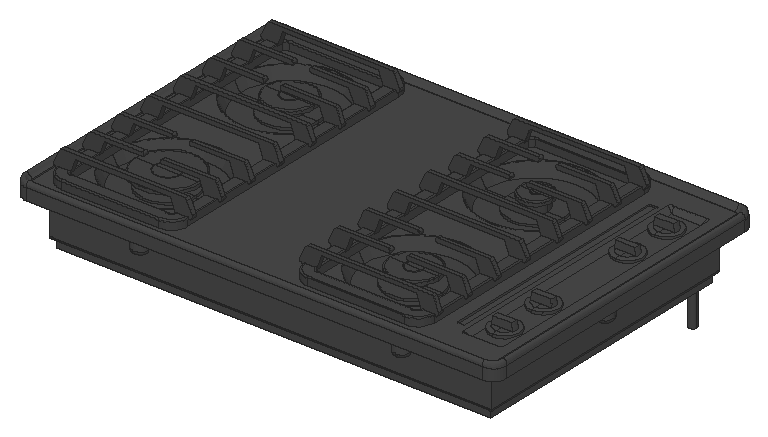
Revit family "QF_Summit_TTL053S_Cooktop", category Specialty Equipment, Revit 2020 (continued)
Automatic sketch dimensions
  curve 123 to curve 134 = 0"  (x2)
  curve 124 to curve 127 = 0"
  curve 124 to curve 128 = 0"
  curve 124 to curve 129 = 0"
  curve 124 to curve 130 = 0"
  curve 124 to curve 132 = 0"  (x2)
  curve 124 to curve 133 = 0"
  curve 124 to curve 134 = 0"  (x2)
  curve 125 to curve 126 = 0"  (x2)
  curve 125 to curve 127 = 0"
  curve 125 to curve 128 = 0"
  curve 125 to curve 129 = 0"
  curve 125 to curve 130 = 0"
  curve 125 to curve 131 = 0"  (x2)
  curve 125 to curve 132 = 0"
  curve 125 to curve 133 = 0"
  curve 145 to curve 165 = 0"  (x2)
  curve 146 to curve 165 = 0"  (x2)
  curve 147 to curve 165 = 0"  (x2)
  curve 148 to curve 165 = 0"  (x2)
  curve 149 to curve 165 = 0"  (x2)
  curve 150 to curve 165 = 0"  (x2)
  curve 151 to curve 165 = 0"  (x2)
  curve 152 to curve 157 = 0"
  curve 152 to curve 159 = 0"
  curve 153 to curve 157 = 0"
  curve 153 to curve 159 = 0"
  curve 154 to curve 159 = 0"  (x2)
  curve 155 to curve 159 = 0"  (x2)
  curve 156 to curve 157 = 0"
  curve 156 to curve 159 = 0"
  curve 157 to curve 159 = 0"
  curve 158 to curve 159 = 0"  (x2)
  curve 160 to curve 165 = 0"  (x2)
  curve 161 to curve 165 = 0"  (x2)
  curve 162 to curve 165 = 0"  (x2)
  curve 163 to curve 165 = 0"  (x2)
  curve 164 to curve 165 = 0"  (x2)
  curve 65 to plane 3 "LEFT" = 0.00016"
  plane 3 "LEFT" to curve 37 = 9/16"
  curve 37 to curve 64 = 1/4"
  curve 37 to curve 39 = 1/4"
  plane 3 "LEFT" to curve 134 = 5.27794"
  plane 3 "LEFT" to curve 108 = 5.27794"
  plane 7 "Center Y" to curve 111 = 5.59588"
  plane 7 "Center Y" to curve 79 = 5.59588"
  plane 1 "BACK" to curve 54 = 2.63046"
  plane 4 "RIGHT" to curve 54 = 4.43626"
  curve 54 to curve 61 = 1/16"
  curve 54 to curve 55 = 1/16"
  curve 55 to curve 56 = 3/8"
  curve 60 to curve 60 = 3/8"
  curve 57 to curve 58 = 1/16"
  curve 60 to curve 52 = 0.32834"
  curve 52 to curve 51 = 0.17489"
  curve 53 to curve 53 = 0.17489"
  curve 51 to curve 44 = 0.15303"
  plane 4 "RIGHT" to curve 45 = 1.53001"
  curve 42 to curve 47 = 0.15303"
  curve 44 to curve 50 = 0.15303"
  curve 49 to curve 48 = 0.17489"
  plane 5 "FRONT" to curve 71 = 0.00016"
  plane 4 "RIGHT" to curve 71 = 13/16"
  plane 4 "RIGHT" to curve 38 = 13/16"
  curve 40 to curve 41 = 1/4"
  curve 50 to plane 5 "FRONT" = 1.94788"
  curve 49 to curve 44 = 0.15303"
  curve 51 to curve 60 = 0.43428"
  curve 146 to plane 8 "Center X" = 4.69623"
  curve 152 to plane 8 "Center X" = 4.69623"
  plane 8 "Center X" to curve 74 = 4.69623"
  plane 8 "Center X" to curve 114 = 4.69623"
  curve 57 to curve 42 = 11/32"
  curve 42 to curve 48 = 0.15303"
  plane 1 "BACK" to curve 40 = 13/16"
  plane 3 "LEFT" to curve 122 = 1.98841"
  plane 3 "LEFT" to curve 157 = 2.00679"
  plane 3 "LEFT" to curve 132 = 2.04204"
  plane 3 "LEFT" to curve 106 = 2.05163"
  curve 157 to curve 108 = 0.17038"
  curve 122 to curve 117 = 0.18876"
  curve 157 to curve 159 = 0.30499"
  curve 122 to curve 117 = 0.33065"
  curve 132 to curve 133 = 0.31951"
  curve 106 to curve 108 = 0.31593"
  curve 159 to curve 154 = 0.10141"
  curve 117 to curve 131 = 0.09535"
  curve 133 to curve 126 = 0.10777"
  curve 108 to curve 158 = 0.10609"
  curve 108 to curve 83 = 1.10076"
  curve 104 to curve 104 = 0.21842"
  curve 117 to curve 120 = 1.35172"
  curve 83 to curve 83 = 0.31358"
  curve 104 to curve 103 = 0.15936"
  curve 120 to curve 74 = 0.24904"
  curve 74 to curve 120 = 0.02582"
  curve 83 to curve 105 = 0.21411"
  curve 122 to curve 123 = 1.45366"
  curve 157 to curve 107 = 1.43583"
  curve 94 to curve 130 = 0.12319"
  curve 120 to curve 127 = 0.19386"
  curve 127 to curve 74 = 0.11209"
  curve 130 to curve 129 = 0.26849"
  curve 129 to curve 132 = 0.04729"
  curve 129 to curve 94 = 0.07783"
  curve 74 to curve 93 = 0.23853"
  curve 86 to curve 83 = 3/4"
  curve 118 to curve 123 = 0.6766"
  curve 129 to curve 92 = 0.43727"
  curve 153 to curve 107 = 0.5869"
  curve 76 to curve 73 = 1/2"
  curve 107 to curve 107 = 0.62953"
  curve 123 to curve 123 = 0.65253"
  curve 75 to curve 92 = 0.22211"
  curve 76 to curve 93 = 0.42893"
  curve 92 to curve 73 = 0.32977"
  curve 92 to curve 134 = 0.38914"
  curve 73 to curve 129 = 0.08348"
  curve 93 to curve 91 = 0.24142"
  curve 91 to curve 127 = 0.11252"
  curve 73 to curve 121 = 0.33849"
  curve 91 to curve 128 = 0.31103"
  curve 123 to curve 124 = 0.83454"
  curve 128 to curve 91 = 0.01862"
  curve 107 to curve 152 = 0.87986"
  curve 85 to curve 105 = 0.76611"
  curve 86 to curve 103 = 0.86273"
  curve 105 to curve 102 = 0.18941"
  curve 73 to curve 121 = 0.24904"
  curve 103 to curve 84 = 0.14532"
  curve 84 to curve 84 = 0.24195"
  curve 102 to curve 158 = 1.09864"
  curve 121 to curve 126 = 1.41692"
  curve 84 to curve 154 = 1.10223"
  curve 128 to curve 131 = 1.38705"
  curve 158 to curve 155 = 0.09264"
  curve 126 to curve 119 = 0.09066"
  curve 154 to curve 109 = 0.10242"
  curve 131 to curve 125 = 0.09497"
  curve 109 to curve 109 = 0.13805"
  curve 125 to curve 125 = 0.13736"
  curve 155 to curve 156 = 0.32544"
  curve 119 to curve 134 = 0.34103"
  curve 154 to curve 152 = 0.40862"
  curve 131 to curve 124 = 0.42412"
  plane 7 "Center Y" to curve 150 = 2.29805"
  plane 7 "Center Y" to curve 135 = 2.29835"
  plane 7 "Center Y" to curve 140 = 2.36176"
  plane 7 "Center Y" to curve 144 = 2.37399"
  plane 7 "Center Y" to curve 116 = 2.49513"
  plane 7 "Center Y" to curve 148 = 2.49513"
  curve 135 to curve 116 = 0.34067"
  curve 150 to curve 148 = 0.34129"
  curve 140 to curve 142 = 0.32309"
  curve 144 to curve 110 = 0.31237"
  curve 148 to curve 147 = 0.09223"
  curve 116 to curve 139 = 0.0986"
  curve 142 to curve 141 = 0.10348"
  curve 110 to curve 149 = 0.12616"
  plane 7 "Center Y" to curve 77 = 3.84685"
  plane 7 "Center Y" to curve 164 = 3.84685"
  curve 113 to curve 101 = 0.24904"
  plane 7 "Center Y" to curve 164 = 4.10793"
  plane 7 "Center Y" to curve 77 = 4.11555"
  plane 7 "Center Y" to curve 135 = 4.14925"
  plane 7 "Center Y" to curve 150 = 4.16227"
  plane 7 "Center Y" to curve 113 = 4.21169"
  plane 7 "Center Y" to curve 98 = 4.22231"
  curve 164 to curve 165 = 0.19581"
  curve 77 to curve 95 = 0.19616"
  curve 165 to curve 101 = 0.12621"
  curve 113 to curve 161 = 0.25363"
  curve 98 to curve 97 = 0.26065"
  plane 7 "Center Y" to curve 144 = 4.49037"
  curve 161 to curve 88 = 0.07249"
  plane 7 "Center Y" to curve 140 = 4.57292"
  curve 77 to curve 80 = 0.74904"
  curve 101 to curve 100 = 0.2468"
  curve 161 to curve 162 = 0.42767"
  curve 150 to curve 160 = 0.73593"
  curve 114 to curve 114 = 0.60654"
  curve 90 to curve 87 = 1/2"
  curve 82 to curve 77 = 1/4"
  curve 114 to curve 136 = 0.64941"
  curve 160 to curve 160 = 1.39538"
  curve 90 to curve 162 = 0.21129"
  curve 89 to curve 100 = 0.43178"
  curve 162 to curve 99 = 0.33661"
  curve 140 to curve 143 = 2.11853"
  curve 80 to curve 97 = 0.14835"
  curve 99 to curve 161 = 0.10382"
  curve 161 to curve 145 = 0.03094"
  curve 100 to curve 87 = 0.25229"
  curve 87 to curve 165 = 0.10807"
  curve 79 to curve 95 = 0.29505"
  curve 161 to curve 163 = 0.22514"
  curve 97 to curve 78 = 0.24571"
  curve 160 to curve 151 = 0.76927"
  curve 136 to curve 137 = 0.81975"
  curve 87 to curve 112 = 0.29408"
  curve 95 to curve 96 = 0.18874"
  curve 112 to curve 99 = 0.02185"
  curve 87 to curve 112 = 0.24904"
  curve 79 to curve 78 = 0.74904"
  curve 163 to curve 149 = 1.42364"
  curve 78 to curve 141 = 1.41399"
  curve 96 to curve 139 = 1.37384"
  curve 112 to curve 147 = 1.3827"
  curve 149 to curve 146 = 0.10635"
  curve 141 to curve 115 = 0.10054"
  curve 139 to curve 138 = 0.10259"
  curve 147 to curve 111 = 0.09971"
  curve 138 to curve 115 = 0.14054"
  curve 111 to curve 111 = 0.1402"
  curve 146 to curve 145 = 0.31936"
  curve 141 to curve 143 = 0.41949"
  curve 147 to curve 151 = 0.40165"
  curve 138 to curve 137 = 0.32826"
  curve 107 to plane 5 "FRONT" = 1.80474"
  curve 160 to plane 5 "FRONT" = 1 7/8"
  curve 160 to curve 150 = 0.23691"
  curve 153 to curve 157 = 0.25859"
  curve 160 to curve 151 = 0.2521"
  curve 107 to curve 152 = 0.2852"
  curve 154 to curve 109 = 0.28235"
  curve 147 to curve 111 = 0.27408"
  curve 100 to curve 101 = 0.24169"
  curve 103 to curve 84 = 0.22929"
  curve 165 to curve 101 = 0.23505"
  curve 102 to curve 105 = 0.25978"
  curve 99 to curve 161 = 0.24304"
  curve 99 to curve 162 = 0.24737"
  curve 108 to curve 158 = 0.25335"
  curve 146 to curve 149 = 0.25181"
  curve 158 to curve 106 = 0.03121"
  curve 146 to curve 145 = 0.27526"
  curve 110 to curve 144 = 0.29271"
  plane 8 "Center X" to curve 140 = 1.35007"
  plane 8 "Center X" to curve 132 = 1.36194"
  plane 8 "Center X" to curve 143 = 1.37313"
  plane 8 "Center X" to curve 134 = 1.37834"
  curve 129 to curve 94 = 0.26306"
  curve 97 to curve 98 = 0.26648"
  curve 129 to curve 92 = 0.01153"
  curve 126 to curve 119 = 0.21375"
  curve 141 to curve 142 = 0.24822"
  curve 116 to curve 135 = 0.23664"
  curve 96 to curve 95 = 0.24956"
  curve 74 to curve 93 = 0.23627"
  curve 125 to curve 131 = 0.26496"
  curve 131 to curve 124 = 0.00658"
  curve 91 to curve 127 = 0.25063"
  curve 117 to curve 122 = 0.26535"
  curve 138 to curve 137 = 0.27256"
  curve 116 to curve 139 = 0.26847"
  curve 122 to curve 118 = 0.25021"
  curve 137 to curve 136 = 0.26258"
  radius of Extrusion 2 sketch curve = 3.49904"  (x4)
  radius of Extrusion 17 sketch curve = 1/4"
Nested families (in)
  nested 1: "Summit_Burner_Cast" at (1.52794, -1.55377, 0.43845), type "Summit_Burner_Cast"
  nested 2: "Summit_Burner_Cast" at (16.71416, -1.55377, 0.43845), type "Summit_Burner_Cast"
  nested 3: "Summit_Burner_Cast" at (1.52794, -10.94623, 0.43845), type "Summit_Burner_Cast"
  nested 4: "Summit_Burner_Cast" at (16.71416, -10.94623, 0.43845), type "Summit_Burner_Cast"
  nested 5: "Summit_Cast" at (1.27794, -0.875, 3.75), type "Summit_Cast"
  nested 6: "Summit_Cast" at (16.46416, -0.875, 3.75), type "Summit_Cast"
Connectors (in)
  piping at (27.43847, -1.91925, -2.5), diameter 0.5
    settings: on Extrusion 17, index 1, connector inside diameter 24", connector length 0", flow factor 0, pipe flow 0 GPM, pressure drop 0.00 psi, fitting loss kfactor 0, connector angle 0.00°, fixture units 0, engagement length 0", angle of deflection 0.00°, flow configuration 1, flow direction 1, fitting loss method 0, system type 7, joint type 0, gender type 0, connector reference index -1, connector utility 0, adjustable connector no, is connector primary yes, connector description "Gas Connection"
  electrical at (26.68847, -1.91925, 0.4375), driven by "Volts"
    settings: on Extrusion 20, index 2, voltage 115 V, apparent load 0 VA, apparent load phase1 0 VA, apparent load phase2 0 VA, apparent load phase3 0 VA, power factor 1, load classification "Other", number of poles 1, system type 30, power factor state 1, is connector primary yes, connector utility no, sub classification motor no, connector description "Electrical Connection"
Definition of nested family "Summit_Burner_Cast"
  Parameters (values of type "Summit_Burner_Cast")
    Model = ""
    Manufacturer = "Summit"
    Length = 7 1/2"
    Height = 3 3/4"
    Description = "Cooktop"
    Depth = 7 1/2"
    Default Elevation = 0"
  Reference planes (in)
    plane 1 "BACK": y = 0
    plane 2: z = 0
    plane 3 "LEFT": x = 0
    plane 4 "RIGHT": x = 7.5
    plane 5 "FRONT": y = -7.5
    plane 6 "TOP": z = 3.75
    plane 7 "Center Y": x = 3.75
    plane 8 "Center X": y = -3.75
  Forms (in)
    Revolve 1, solid
      sketch origin (-1.00614, -3.75, 0) x (1, 0, 0) y (0, 0, 1)
        loop
          line (4.75614, 3.26095) -> (4.00614, 3.26095) -> (4.00614, 2.6875) -> (3.00711, 2.6875) -> (3.00711, 2.5625) -> (1.65539, 2.5625) -> (1.25711, 3.31155) -> (1.25711, 2.5) -> (4.75614, 2.5) -> (4.75614, 3.26095)
        axis (4.75614, 2.5) -> (4.75614, 3.31155)
      angle from 0 to 360
  Dimensions and locks (in)
    equal spacing: plane 3 "LEFT", plane 7 "Center Y", plane 4 "RIGHT"
    "Length": plane 3 "LEFT" to plane 4 "RIGHT"
    equal spacing: plane 5 "FRONT", plane 8 "Center X", plane 1 "BACK"
    "Depth": plane 5 "FRONT" to plane 1 "BACK"
    "Height": plane 6 "TOP" to level
    aligned and locked: level to plane 2
  Automatic sketch dimensions
    plane 3 "LEFT" to Revolve 1 sketch curve = 0.25096"
    Revolve 1 sketch curve to plane 7 "Center Y" = 0"  (x2)
    plane 3 "LEFT" to Revolve 1 sketch curve = 0.64924"
    Revolve 1 sketch curve to plane 7 "Center Y" = 3/4"
    Revolve 1 sketch curve to plane 6 "TOP" = 1 1/4"
    Revolve 1 sketch curve to Revolve 1 sketch curve = 1/16"
    Revolve 1 sketch curve to Revolve 1 sketch curve = 3/16"
    Revolve 1 sketch curve to plane 6 "TOP" = 0.48905"
    Revolve 1 sketch curve to plane 6 "TOP" = 0.43845"
    Revolve 1 sketch curve to Revolve 1 sketch curve = 0"
    plane 6 "TOP" to Revolve 1 sketch curve = 1 1/4"
    Revolve 1 sketch curve to Revolve 1 sketch curve = 0.99904"
Definition of nested family "Summit_Cast"
  Parameters (values of type "Summit_Cast")
    Model = ""
    Manufacturer = "Summit"
    Length = 8"
    Height = 1 1/2"
    Description = "Cooktop"
    Depth = 18 1/4"
    Default Elevation = 0"
  Reference planes (in)
    plane 1 "BACK": y = 0
    plane 2: z = 0
    plane 3 "LEFT": x = 0
    plane 4 "RIGHT": x = 8
    plane 5 "FRONT": y = -18.25
    plane 6 "TOP": z = 1.5
    plane 7 "Center Y": x = 4
    plane 8 "Center X": y = -9.125
  Forms (in)
    Sweep 1, solid
      path origin (0, 0, 1.5) x (-1, 0, 0) y (0, -1, 0)
        loop
          arc (0, 17.25) -> (-0.29289, 17.95711) -> (-1, 18.25) r 1
          line (-1, 18.25) -> (-7, 18.25)
          arc (-7, 18.25) -> (-7.70711, 17.95711) -> (-8, 17.25) r 1
          line (-8, 17.25) -> (-8, 1)
          arc (-8, 1) -> (-7.70711, 0.29289) -> (-7, 0) r 1
          line (-7, 0) -> (-1, 0)
          arc (-1, 0) -> (-0.29289, 0.29289) -> (0, 1) r 1
          line (0, 1) -> (0, 17.25)
      profile origin (0, -9.125, 1.5) x (-1, 0, 0) y (0, 0, 1)
        loop
          line (-0.0625, -1) -> (-0.6875, -1)
          arc (-0.6875, -1) -> (-0.73169, -1.01831) -> (-0.75, -1.0625) r 0.0625
          line (-0.75, -1.0625) -> (-0.75, -1.5) -> (0, -1.5) -> (0, -1.0625)
          arc (0, -1.0625) -> (-0.01831, -1.01831) -> (-0.0625, -1) r 0.0625
    Extrusion 2, solid
      sketch origin (0, 0, 0) x (1, 0, 0) y (0, 0, 1)
        loop
          line (0.74803, 0.3877) -> (1.06188, 1.25) -> (6.93812, 1.25) -> (7.25197, 0.3877) -> (8.14564, 0.3877) -> (8.25406, 0.49612)
          arc (8.25406, 0.49612) -> (8.2924, 0.56977) -> (8.28157, 0.65209) r 0.13806
          line (8.28157, 0.65209) -> (7.93816, 1.38852) -> (7.82668, 1.5) -> (0.17332, 1.5) -> (0.06184, 1.38852) -> (-0.28157, 0.65209)
          arc (-0.28157, 0.65209) -> (-0.2924, 0.56977) -> (-0.25406, 0.49612) r 0.13806
          line (-0.25406, 0.49612) -> (-0.14564, 0.3877) -> (0.74803, 0.3877)
      from 1 to 1.25
    Extrusion 3, solid
      sketch origin (0, -2.25, 0) x (1, 0, 0) y (0, 0, 1)
        loop
          line (0.74803, 0.3877) -> (1.06188, 1.25) -> (3.36913, 1.25)
          arc (3.36913, 1.25) -> (3.49413, 1.375) -> (3.36913, 1.5) r 0.125
          line (3.36913, 1.5) -> (0.17332, 1.5) -> (0.06184, 1.38852) -> (-0.28157, 0.65209)
          arc (-0.28157, 0.65209) -> (-0.2924, 0.56977) -> (-0.25406, 0.49612) r 0.13806
          line (-0.25406, 0.49612) -> (-0.14564, 0.3877) -> (0.74803, 0.3877)
        loop
          line (7.25197, 0.3877) -> (8.14564, 0.3877) -> (8.25406, 0.49612)
          arc (8.25406, 0.49612) -> (8.2924, 0.56977) -> (8.28157, 0.65209) r 0.13806
          line (8.28157, 0.65209) -> (7.93816, 1.38852) -> (7.82668, 1.5) -> (4.62959, 1.5)
          arc (4.62959, 1.5) -> (4.50459, 1.375) -> (4.62959, 1.25) r 0.125
          line (4.62959, 1.25) -> (6.93812, 1.25) -> (7.25197, 0.3877)
      from 1 to 1.25
    Extrusion 4, solid
      sketch origin (0, -6.75, 0) x (1, 0, 0) y (0, 0, 1)
        loop
          line (0.74803, 0.3877) -> (1.06188, 1.25) -> (6.93812, 1.25) -> (7.25197, 0.3877) -> (8.14564, 0.3877) -> (8.25406, 0.49612)
          arc (8.25406, 0.49612) -> (8.2924, 0.56977) -> (8.28157, 0.65209) r 0.13806
          line (8.28157, 0.65209) -> (7.93816, 1.38852) -> (7.82668, 1.5) -> (0.17332, 1.5) -> (0.06184, 1.38852) -> (-0.28157, 0.65209)
          arc (-0.28157, 0.65209) -> (-0.2924, 0.56977) -> (-0.25406, 0.49612) r 0.13806
          line (-0.25406, 0.49612) -> (-0.14564, 0.3877) -> (0.74803, 0.3877)
      from 1 to 1.25
    Extrusion 5, solid
      sketch origin (0, -4.5, 0) x (1, 0, 0) y (0, 0, 1)
        loop
          line (0.74803, 0.3877) -> (1.06188, 1.25) -> (3.36913, 1.25)
          arc (3.36913, 1.25) -> (3.49413, 1.375) -> (3.36913, 1.5) r 0.125
          line (3.36913, 1.5) -> (0.17332, 1.5) -> (0.06184, 1.38852) -> (-0.28157, 0.65209)
          arc (-0.28157, 0.65209) -> (-0.2924, 0.56977) -> (-0.25406, 0.49612) r 0.13806
          line (-0.25406, 0.49612) -> (-0.14564, 0.3877) -> (0.74803, 0.3877)
        loop
          line (7.25197, 0.3877) -> (8.14564, 0.3877) -> (8.25406, 0.49612)
          arc (8.25406, 0.49612) -> (8.2924, 0.56977) -> (8.28157, 0.65209) r 0.13806
          line (8.28157, 0.65209) -> (7.93816, 1.38852) -> (7.82668, 1.5) -> (4.62959, 1.5)
          arc (4.62959, 1.5) -> (4.50459, 1.375) -> (4.62959, 1.25) r 0.125
          line (4.62959, 1.25) -> (6.93812, 1.25) -> (7.25197, 0.3877)
      from 1 to 1.25
    Extrusion 6, solid
      sketch origin (0, -18.25, 0) x (1, 0, 0) y (0, 0, -1)
        loop
          line (0.74803, -0.3877) -> (-0.14564, -0.3877) -> (-0.25406, -0.49612)
          arc (-0.25406, -0.49612) -> (-0.2924, -0.56977) -> (-0.28157, -0.65209) r 0.13806
          line (-0.28157, -0.65209) -> (0.06184, -1.38852) -> (0.17332, -1.5) -> (7.82668, -1.5) -> (7.93816, -1.38852) -> (8.28157, -0.65209)
          arc (8.28157, -0.65209) -> (8.2924, -0.56977) -> (8.25406, -0.49612) r 0.13806
          line (8.25406, -0.49612) -> (8.14564, -0.3877) -> (7.25197, -0.3877) -> (6.93812, -1.25) -> (1.06188, -1.25) -> (0.74803, -0.3877)
      from 1 to 1.25
    Extrusion 7, solid
      sketch origin (0, -16, 0) x (1, 0, 0) y (0, 0, -1)
        loop
          line (0.74803, -0.3877) -> (-0.14564, -0.3877) -> (-0.25406, -0.49612)
          arc (-0.25406, -0.49612) -> (-0.2924, -0.56977) -> (-0.28157, -0.65209) r 0.13806
          line (-0.28157, -0.65209) -> (0.06184, -1.38852) -> (0.17332, -1.5) -> (3.36913, -1.5)
          arc (3.36913, -1.5) -> (3.49413, -1.375) -> (3.36913, -1.25) r 0.125
          line (3.36913, -1.25) -> (1.06188, -1.25) -> (0.74803, -0.3877)
        loop
          line (7.25197, -0.3877) -> (6.93812, -1.25) -> (4.62959, -1.25)
          arc (4.62959, -1.25) -> (4.50459, -1.375) -> (4.62959, -1.5) r 0.125
          line (4.62959, -1.5) -> (7.82668, -1.5) -> (7.93816, -1.38852) -> (8.28157, -0.65209)
          arc (8.28157, -0.65209) -> (8.2924, -0.56977) -> (8.25406, -0.49612) r 0.13806
          line (8.25406, -0.49612) -> (8.14564, -0.3877) -> (7.25197, -0.3877)
      from 1 to 1.25
    Extrusion 8, solid
      sketch origin (0, -11.5, 0) x (1, 0, 0) y (0, 0, -1)
        loop
          line (0.74803, -0.3877) -> (-0.14564, -0.3877) -> (-0.25406, -0.49612)
          arc (-0.25406, -0.49612) -> (-0.2924, -0.56977) -> (-0.28157, -0.65209) r 0.13806
          line (-0.28157, -0.65209) -> (0.06184, -1.38852) -> (0.17332, -1.5) -> (7.82668, -1.5) -> (7.93816, -1.38852) -> (8.28157, -0.65209)
          arc (8.28157, -0.65209) -> (8.2924, -0.56977) -> (8.25406, -0.49612) r 0.13806
          line (8.25406, -0.49612) -> (8.14564, -0.3877) -> (7.25197, -0.3877) -> (6.93812, -1.25) -> (1.06188, -1.25) -> (0.74803, -0.3877)
      from 1 to 1.25
    Extrusion 9, solid
      sketch origin (0, -13.75, 0) x (1, 0, 0) y (0, 0, -1)
        loop
          line (0.74803, -0.3877) -> (-0.14564, -0.3877) -> (-0.25406, -0.49612)
          arc (-0.25406, -0.49612) -> (-0.2924, -0.56977) -> (-0.28157, -0.65209) r 0.13806
          line (-0.28157, -0.65209) -> (0.06184, -1.38852) -> (0.17332, -1.5) -> (3.36913, -1.5)
          arc (3.36913, -1.5) -> (3.49413, -1.375) -> (3.36913, -1.25) r 0.125
          line (3.36913, -1.25) -> (1.06188, -1.25) -> (0.74803, -0.3877)
        loop
          line (7.25197, -0.3877) -> (6.93812, -1.25) -> (4.62959, -1.25)
          arc (4.62959, -1.25) -> (4.50459, -1.375) -> (4.62959, -1.5) r 0.125
          line (4.62959, -1.5) -> (7.82668, -1.5) -> (7.93816, -1.38852) -> (8.28157, -0.65209)
          arc (8.28157, -0.65209) -> (8.2924, -0.56977) -> (8.25406, -0.49612) r 0.13806
          line (8.25406, -0.49612) -> (8.14564, -0.3877) -> (7.25197, -0.3877)
      from 1 to 1.25
  Lines and regions (in)
    symbolic lines
      curve 1: line (7, -0.75, 1.5) -> (1, -0.75, 1.5)
      curve 2: arc (1, -0.75, 1.5) -> (0.82322, -0.82322, 1.5) -> (0.75, -1, 1.5) r 0.25
      curve 3: line (0.75, -1, 1.5) -> (0.75, -3.25, 1.5)
      curve 4: arc (0.75, -17.25, 1.5) -> (0.82322, -17.42678, 1.5) -> (1, -17.5, 1.5) r 0.25
      curve 5: line (1, -17.5, 1.5) -> (7, -17.5, 1.5)
      curve 6: arc (7, -17.5, 1.5) -> (7.17678, -17.42678, 1.5) -> (7.25, -17.25, 1.5) r 0.25
      curve 7: arc (7.25, -1, 1.5) -> (7.17678, -0.82322, 1.5) -> (7, -0.75, 1.5) r 0.25
      curve 8: arc (0, -1, 1.5) -> (0.29289, -0.29289, 1.5) -> (1, 0, 1.5) r 1
      curve 9: line (1, 0, 1.5) -> (7, 0, 1.5)
      curve 10: arc (7, 0, 1.5) -> (7.70711, -0.29289, 1.5) -> (8, -1, 1.5) r 1
      curve 11: arc (8, -17.25, 1.5) -> (7.70711, -17.95711, 1.5) -> (7, -18.25, 1.5) r 1
      curve 12: line (7, -18.25, 1.5) -> (1, -18.25, 1.5)
      curve 13: arc (1, -18.25, 1.5) -> (0.29289, -17.95711, 1.5) -> (0, -17.25, 1.5) r 1
      curve 14: line (-0.2945, -1.25, 1.5) -> (8.2945, -1.25, 1.5)
      curve 15: line (8.2945, -1, 1.5) -> (-0.2945, -1, 1.5)
      curve 16: line (-0.2945, -1, 1.5) -> (-0.2945, -1.25, 1.5)
      curve 17: line (8.2945, -1, 1.5) -> (8.2945, -1.25, 1.5)
      curve 18: line (4.50459, -3.25, 1.5) -> (8.2945, -3.25, 1.5)
      curve 19: line (4.50459, -3.5, 1.5) -> (4.50459, -3.25, 1.5)
      curve 20: line (8.2945, -3.5, 1.5) -> (4.50459, -3.5, 1.5)
      curve 21: line (8.2945, -3.25, 1.5) -> (8.2945, -3.5, 1.5)
      curve 22: line (-0.2945, -3.25, 1.5) -> (3.49413, -3.25, 1.5)
      curve 23: line (-0.2945, -3.5, 1.5) -> (-0.2945, -3.25, 1.5)
      curve 24: line (3.49413, -3.5, 1.5) -> (0, -3.5, 1.5)
      curve 25: line (3.49413, -3.25, 1.5) -> (3.49413, -3.5, 1.5)
      curve 26: line (-0.2945, -5.5, 1.5) -> (3.49413, -5.5, 1.5)
      curve 27: line (-0.2945, -5.75, 1.5) -> (-0.2945, -5.5, 1.5)
      curve 28: line (3.49413, -5.75, 1.5) -> (-0.2945, -5.75, 1.5)
      curve 29: line (3.49413, -5.5, 1.5) -> (3.49413, -5.75, 1.5)
      curve 30: line (4.50459, -5.5, 1.5) -> (8.2945, -5.5, 1.5)
      curve 31: line (4.50459, -5.75, 1.5) -> (4.50459, -5.5, 1.5)
      curve 32: line (8.2945, -5.75, 1.5) -> (4.50459, -5.75, 1.5)
      curve 33: line (8.2945, -5.5, 1.5) -> (8.2945, -5.75, 1.5)
      curve 34: line (-0.2945, -7.75, 1.5) -> (8.2945, -7.75, 1.5)
      curve 35: line (-0.2945, -8, 1.5) -> (-0.2945, -7.75, 1.5)
      curve 36: line (8.2945, -8, 1.5) -> (-0.2945, -8, 1.5)
      curve 37: line (8.2945, -7.75, 1.5) -> (8.2945, -8, 1.5)
      curve 38: line (-0.2945, -10.25, 1.5) -> (8.2945, -10.25, 1.5)
      curve 39: line (-0.2945, -10.5, 1.5) -> (-0.2945, -10.25, 1.5)
      curve 40: line (8.2945, -10.5, 1.5) -> (-0.2945, -10.5, 1.5)
      curve 41: line (8.2945, -10.25, 1.5) -> (8.2945, -10.5, 1.5)
      curve 42: line (-0.2945, -12.5, 1.5) -> (3.49413, -12.5, 1.5)
      curve 43: line (-0.2945, -12.75, 1.5) -> (-0.2945, -12.5, 1.5)
      curve 44: line (3.49413, -12.75, 1.5) -> (-0.2945, -12.75, 1.5)
      curve 45: line (3.49413, -12.5, 1.5) -> (3.49413, -12.75, 1.5)
      curve 46: line (4.50459, -12.5, 1.5) -> (8.2945, -12.5, 1.5)
      curve 47: line (4.50459, -12.75, 1.5) -> (4.50459, -12.5, 1.5)
      curve 48: line (8.2945, -12.75, 1.5) -> (4.50459, -12.75, 1.5)
      curve 49: line (8.2945, -12.5, 1.5) -> (8.2945, -12.75, 1.5)
      curve 50: line (-0.2945, -14.75, 1.5) -> (3.49413, -14.75, 1.5)
      curve 51: line (-0.2945, -15, 1.5) -> (-0.2945, -14.75, 1.5)
      curve 52: line (3.49413, -15, 1.5) -> (-0.2945, -15, 1.5)
      curve 53: line (3.49413, -14.75, 1.5) -> (3.49413, -15, 1.5)
      curve 54: line (4.50459, -14.75, 1.5) -> (8.2945, -14.75, 1.5)
      curve 55: line (4.50459, -15, 1.5) -> (4.50459, -14.75, 1.5)
      curve 56: line (8.2945, -15, 1.5) -> (4.50459, -15, 1.5)
      curve 57: line (8.2945, -14.75, 1.5) -> (8.2945, -15, 1.5)
      curve 58: line (-0.2945, -17, 1.5) -> (8.2945, -17, 1.5)
      curve 59: line (-0.2945, -17.25, 1.5) -> (-0.2945, -17, 1.5)
      curve 60: line (8.2945, -17.25, 1.5) -> (-0.2945, -17.25, 1.5)
      curve 61: line (8.2945, -17, 1.5) -> (8.2945, -17.25, 1.5)
      curve 62: line (8, -1.25, 1.5) -> (8, -3.25, 1.5)
      curve 63: line (0, -3.25, 1.5) -> (0, -1.25, 1.5)
      curve 64: line (0, -3.5, 1.5) -> (-0.2945, -3.5, 1.5)
      curve 65: line (0.75, -3.5, 1.5) -> (0.75, -5.5, 1.5)
      curve 66: line (7.25, -3.25, 1.5) -> (7.25, -1, 1.5)
      curve 67: line (8, -3.5, 1.5) -> (8, -5.5, 1.5)
      curve 68: line (8, -5.75, 1.5) -> (8, -7.75, 1.5)
      curve 69: line (7.25, -5.5, 1.5) -> (7.25, -3.5, 1.5)
      curve 70: line (0.75, -5.75, 1.5) -> (0.75, -7.75, 1.5)
      curve 71: line (0, -5.5, 1.5) -> (0, -3.5, 1.5)
      curve 72: line (0, -7.75, 1.5) -> (0, -5.75, 1.5)
      curve 73: line (0.75, -8, 1.5) -> (0.75, -10.25, 1.5)
      curve 74: line (7.25, -7.75, 1.5) -> (7.25, -5.75, 1.5)
      curve 75: line (8, -8, 1.5) -> (8, -10.25, 1.5)
      curve 76: line (8, -10.5, 1.5) -> (8, -12.5, 1.5)
      curve 77: line (7.25, -10.25, 1.5) -> (7.25, -8, 1.5)
      curve 78: line (8, -12.75, 1.5) -> (8, -14.75, 1.5)
      curve 79: line (7.25, -12.5, 1.5) -> (7.25, -10.5, 1.5)
      curve 80: line (8, -15, 1.5) -> (8, -17, 1.5)
      curve 81: line (7.25, -14.75, 1.5) -> (7.25, -12.75, 1.5)
      curve 82: line (0.75, -12.75, 1.5) -> (0.75, -14.75, 1.5)
      curve 83: line (0.75, -10.5, 1.5) -> (0.75, -12.5, 1.5)
      curve 84: line (0, -12.5, 1.5) -> (0, -8, 1.5)
      curve 85: line (0, -14.75, 1.5) -> (0, -12.75, 1.5)
      curve 86: line (0.75, -15, 1.5) -> (0.75, -17, 1.5)
      curve 87: line (7.25, -17, 1.5) -> (7.25, -15, 1.5)
      curve 88: line (0, -17, 1.5) -> (0, -15, 1.5)
  Dimensions and locks (in)
    equal spacing: plane 3 "LEFT", plane 7 "Center Y", plane 4 "RIGHT"
    "Length": plane 3 "LEFT" to plane 4 "RIGHT"
    equal spacing: plane 5 "FRONT", plane 8 "Center X", plane 1 "BACK"
    "Depth": plane 5 "FRONT" to plane 1 "BACK"
    "Height": plane 6 "TOP" to level
    aligned and locked: level to plane 2
  Automatic sketch dimensions
    Sweep 1 sketch curve to plane 4 "RIGHT" = 0"
    plane 5 "FRONT" to Sweep 1 sketch curve = 0"
    plane 1 "BACK" to Sweep 1 sketch curve = 0"
    Sweep 1 sketch curve to plane 3 "LEFT" = 0"
    Sweep 1 sketch curve to Sweep 1 sketch curve = 1"
    plane 4 "RIGHT" to Sweep 1 sketch curve = 1"
    plane 3 "LEFT" to Sweep 1 sketch curve = 1"  (x2)
    Sweep 1 sketch curve to profile plane = 0"
    profile plane to Sweep 1 sketch curve = 1/16"
    Sweep 1 sketch curve to Sweep 1 sketch curve = 5/8"
    Sweep 1 sketch curve to Sweep 1 sketch curve = 1/16"
    Sweep 1 sketch curve to plane 6 "TOP" = 1 1/2"
    Sweep 1 sketch curve to Sweep 1 sketch curve = 7/16"
    Extrusion 2 sketch curve to plane 6 "TOP" = 0"
    Extrusion 2 sketch curve to plane 3 "LEFT" = 0.28157"
    Extrusion 2 sketch curve to Extrusion 2 sketch curve = 0.0275"
    Extrusion 2 sketch curve to Extrusion 2 sketch curve = 0.12513"  (x2)
    Extrusion 2 sketch curve to plane 3 "LEFT" = 0.14564"
    plane 3 "LEFT" to Extrusion 2 sketch curve = 0.06184"
    Extrusion 2 sketch curve to Extrusion 2 sketch curve = 0.11148"
    plane 3 "LEFT" to Extrusion 2 sketch curve = 0.74803"
    Extrusion 2 sketch curve to plane 6 "TOP" = 1/4"
    Extrusion 2 sketch curve to Extrusion 2 sketch curve = 0.31385"
    plane 4 "RIGHT" to Extrusion 2 sketch curve = 1.06188"
    plane 4 "RIGHT" to Extrusion 2 sketch curve = 0.74803"
    plane 4 "RIGHT" to Extrusion 2 sketch curve = 0.17332"
    plane 4 "RIGHT" to Extrusion 2 sketch curve = 0.06184"
    Extrusion 2 sketch curve to plane 4 "RIGHT" = 0.14564"
    Extrusion 2 sketch curve to plane 4 "RIGHT" = 0.15644"
    Extrusion 2 sketch curve to Extrusion 2 sketch curve = 0.09762"
    level to Extrusion 2 sketch curve = 0.65209"  (x2)
    Extrusion 2 sketch curve to Extrusion 2 sketch curve = 0.05835"  (x2)
    level to Extrusion 2 sketch curve = 0.3877"
    Extrusion 2 sketch curve to Extrusion 2 sketch curve = 0.10842"
    Extrusion 2 sketch curve to plane 6 "TOP" = 0.11148"  (x2)
    Extrusion 3 sketch curve to plane 6 "TOP" = 0"  (x2)
    Extrusion 3 sketch curve to plane 3 "LEFT" = 0.28157"
    Extrusion 3 sketch curve to Extrusion 3 sketch curve = 0.0275"
    Extrusion 3 sketch curve to Extrusion 3 sketch curve = 0.12513"  (x2)
    Extrusion 3 sketch curve to plane 3 "LEFT" = 0.14564"
    plane 3 "LEFT" to Extrusion 3 sketch curve = 0.06184"
    Extrusion 3 sketch curve to Extrusion 3 sketch curve = 0.11148"
    plane 3 "LEFT" to Extrusion 3 sketch curve = 0.74803"
    Extrusion 3 sketch curve to plane 6 "TOP" = 1/4"  (x2)
    Extrusion 3 sketch curve to Extrusion 3 sketch curve = 0.31385"
    Extrusion 3 sketch curve to plane 7 "Center Y" = 0.63087"
    plane 7 "Center Y" to Extrusion 3 sketch curve = 0.62959"
    plane 4 "RIGHT" to Extrusion 3 sketch curve = 1.06188"
    plane 4 "RIGHT" to Extrusion 3 sketch curve = 0.74803"
    plane 4 "RIGHT" to Extrusion 3 sketch curve = 0.17332"
    plane 4 "RIGHT" to Extrusion 3 sketch curve = 0.06184"
    Extrusion 3 sketch curve to plane 4 "RIGHT" = 0.14564"
    Extrusion 3 sketch curve to plane 4 "RIGHT" = 0.15644"
    Extrusion 3 sketch curve to Extrusion 3 sketch curve = 0.09762"
    level to Extrusion 3 sketch curve = 0.65209"  (x2)
    Extrusion 3 sketch curve to Extrusion 3 sketch curve = 0.05835"  (x2)
    level to Extrusion 3 sketch curve = 0.3877"
    Extrusion 3 sketch curve to Extrusion 3 sketch curve = 0.10842"
    Extrusion 3 sketch curve to plane 6 "TOP" = 0.11148"  (x2)
    Extrusion 4 sketch curve to plane 6 "TOP" = 0"
    Extrusion 4 sketch curve to plane 3 "LEFT" = 0.28157"
    Extrusion 4 sketch curve to Extrusion 4 sketch curve = 0.0275"
    Extrusion 4 sketch curve to Extrusion 4 sketch curve = 0.12513"  (x2)
    Extrusion 4 sketch curve to plane 3 "LEFT" = 0.14564"
    plane 3 "LEFT" to Extrusion 4 sketch curve = 0.06184"
    Extrusion 4 sketch curve to Extrusion 4 sketch curve = 0.11148"
    plane 3 "LEFT" to Extrusion 4 sketch curve = 0.74803"
    Extrusion 4 sketch curve to plane 6 "TOP" = 1/4"
    Extrusion 4 sketch curve to Extrusion 4 sketch curve = 0.31385"
    plane 4 "RIGHT" to Extrusion 4 sketch curve = 1.06188"
    plane 4 "RIGHT" to Extrusion 4 sketch curve = 0.74803"
    plane 4 "RIGHT" to Extrusion 4 sketch curve = 0.17332"
    plane 4 "RIGHT" to Extrusion 4 sketch curve = 0.06184"
    Extrusion 4 sketch curve to plane 4 "RIGHT" = 0.14564"
    Extrusion 4 sketch curve to plane 4 "RIGHT" = 0.15644"
    Extrusion 4 sketch curve to Extrusion 4 sketch curve = 0.09762"
    level to Extrusion 4 sketch curve = 0.65209"  (x2)
    Extrusion 4 sketch curve to Extrusion 4 sketch curve = 0.05835"  (x2)
    level to Extrusion 4 sketch curve = 0.3877"
    Extrusion 4 sketch curve to Extrusion 4 sketch curve = 0.10842"
    Extrusion 4 sketch curve to plane 6 "TOP" = 0.11148"  (x2)
    Extrusion 5 sketch curve to plane 6 "TOP" = 0"  (x2)
    Extrusion 5 sketch curve to plane 3 "LEFT" = 0.28157"
    Extrusion 5 sketch curve to Extrusion 5 sketch curve = 0.0275"
    Extrusion 5 sketch curve to Extrusion 5 sketch curve = 0.12513"  (x2)
    Extrusion 5 sketch curve to plane 3 "LEFT" = 0.14564"
    plane 3 "LEFT" to Extrusion 5 sketch curve = 0.06184"
    Extrusion 5 sketch curve to Extrusion 5 sketch curve = 0.11148"
    plane 3 "LEFT" to Extrusion 5 sketch curve = 0.74803"
    Extrusion 5 sketch curve to plane 6 "TOP" = 1/4"  (x2)
    Extrusion 5 sketch curve to Extrusion 5 sketch curve = 0.31385"
    Extrusion 5 sketch curve to plane 7 "Center Y" = 0.63087"
    plane 7 "Center Y" to Extrusion 5 sketch curve = 0.62959"
    plane 4 "RIGHT" to Extrusion 5 sketch curve = 1.06188"
    plane 4 "RIGHT" to Extrusion 5 sketch curve = 0.74803"
    plane 4 "RIGHT" to Extrusion 5 sketch curve = 0.17332"
    plane 4 "RIGHT" to Extrusion 5 sketch curve = 0.06184"
    Extrusion 5 sketch curve to plane 4 "RIGHT" = 0.14564"
    Extrusion 5 sketch curve to plane 4 "RIGHT" = 0.15644"
    Extrusion 5 sketch curve to Extrusion 5 sketch curve = 0.09762"
    level to Extrusion 5 sketch curve = 0.65209"  (x2)
    Extrusion 5 sketch curve to Extrusion 5 sketch curve = 0.05835"  (x2)
    level to Extrusion 5 sketch curve = 0.3877"
    Extrusion 5 sketch curve to Extrusion 5 sketch curve = 0.10842"
    Extrusion 5 sketch curve to plane 6 "TOP" = 0.11148"  (x2)
    Extrusion 6 sketch curve to plane 6 "TOP" = 0"
    Extrusion 6 sketch curve to plane 3 "LEFT" = 0.28157"
    Extrusion 6 sketch curve to Extrusion 6 sketch curve = 0.0275"
    Extrusion 6 sketch curve to Extrusion 6 sketch curve = 0.12513"  (x2)
    Extrusion 6 sketch curve to plane 3 "LEFT" = 0.14564"
    plane 3 "LEFT" to Extrusion 6 sketch curve = 0.06184"
    Extrusion 6 sketch curve to Extrusion 6 sketch curve = 0.11148"
    plane 3 "LEFT" to Extrusion 6 sketch curve = 0.74803"
    Extrusion 6 sketch curve to plane 6 "TOP" = 1/4"
    Extrusion 6 sketch curve to Extrusion 6 sketch curve = 0.31385"
    plane 4 "RIGHT" to Extrusion 6 sketch curve = 1.06188"
    plane 4 "RIGHT" to Extrusion 6 sketch curve = 0.74803"
    plane 4 "RIGHT" to Extrusion 6 sketch curve = 0.17332"
    plane 4 "RIGHT" to Extrusion 6 sketch curve = 0.06184"
    Extrusion 6 sketch curve to plane 4 "RIGHT" = 0.14564"
    Extrusion 6 sketch curve to plane 4 "RIGHT" = 0.15644"
    Extrusion 6 sketch curve to Extrusion 6 sketch curve = 0.09762"
    Extrusion 6 sketch curve to plane 6 "TOP" = 0.11148"  (x2)
    level to Extrusion 6 sketch curve = 0.65209"  (x2)
    Extrusion 6 sketch curve to Extrusion 6 sketch curve = 0.05835"  (x2)
    Extrusion 6 sketch curve to Extrusion 6 sketch curve = 0.10842"
    level to Extrusion 6 sketch curve = 0.3877"
    Extrusion 7 sketch curve to plane 6 "TOP" = 0"  (x2)
    Extrusion 7 sketch curve to plane 3 "LEFT" = 0.28157"
    Extrusion 7 sketch curve to Extrusion 7 sketch curve = 0.0275"
    Extrusion 7 sketch curve to Extrusion 7 sketch curve = 0.12513"  (x2)
    Extrusion 7 sketch curve to plane 3 "LEFT" = 0.14564"
    plane 3 "LEFT" to Extrusion 7 sketch curve = 0.06184"
    Extrusion 7 sketch curve to Extrusion 7 sketch curve = 0.11148"
    plane 3 "LEFT" to Extrusion 7 sketch curve = 0.74803"
    Extrusion 7 sketch curve to plane 6 "TOP" = 1/4"  (x2)
    Extrusion 7 sketch curve to Extrusion 7 sketch curve = 0.31385"
    Extrusion 7 sketch curve to plane 7 "Center Y" = 0.63087"
    plane 7 "Center Y" to Extrusion 7 sketch curve = 0.62959"
    plane 4 "RIGHT" to Extrusion 7 sketch curve = 1.06188"
    plane 4 "RIGHT" to Extrusion 7 sketch curve = 0.74803"
    plane 4 "RIGHT" to Extrusion 7 sketch curve = 0.17332"
    plane 4 "RIGHT" to Extrusion 7 sketch curve = 0.06184"
    Extrusion 7 sketch curve to plane 4 "RIGHT" = 0.14564"
    Extrusion 7 sketch curve to plane 4 "RIGHT" = 0.15644"
    Extrusion 7 sketch curve to Extrusion 7 sketch curve = 0.09762"
    Extrusion 7 sketch curve to plane 6 "TOP" = 0.11148"  (x2)
    level to Extrusion 7 sketch curve = 0.65209"  (x2)
    Extrusion 7 sketch curve to Extrusion 7 sketch curve = 0.05835"  (x2)
    Extrusion 7 sketch curve to Extrusion 7 sketch curve = 0.10842"
    level to Extrusion 7 sketch curve = 0.3877"
    Extrusion 8 sketch curve to plane 6 "TOP" = 0"
    Extrusion 8 sketch curve to plane 3 "LEFT" = 0.28157"
    Extrusion 8 sketch curve to Extrusion 8 sketch curve = 0.0275"
    Extrusion 8 sketch curve to Extrusion 8 sketch curve = 0.12513"  (x2)
    Extrusion 8 sketch curve to plane 3 "LEFT" = 0.14564"
    plane 3 "LEFT" to Extrusion 8 sketch curve = 0.06184"
    Extrusion 8 sketch curve to Extrusion 8 sketch curve = 0.11148"
    plane 3 "LEFT" to Extrusion 8 sketch curve = 0.74803"
    Extrusion 8 sketch curve to plane 6 "TOP" = 1/4"
    Extrusion 8 sketch curve to Extrusion 8 sketch curve = 0.31385"
    plane 4 "RIGHT" to Extrusion 8 sketch curve = 1.06188"
    plane 4 "RIGHT" to Extrusion 8 sketch curve = 0.74803"
    plane 4 "RIGHT" to Extrusion 8 sketch curve = 0.17332"
    plane 4 "RIGHT" to Extrusion 8 sketch curve = 0.06184"
    Extrusion 8 sketch curve to plane 4 "RIGHT" = 0.14564"
    Extrusion 8 sketch curve to plane 4 "RIGHT" = 0.15644"
    Extrusion 8 sketch curve to Extrusion 8 sketch curve = 0.09762"
    Extrusion 8 sketch curve to plane 6 "TOP" = 0.11148"  (x2)
    level to Extrusion 8 sketch curve = 0.65209"  (x2)
    Extrusion 8 sketch curve to Extrusion 8 sketch curve = 0.05835"  (x2)
    Extrusion 8 sketch curve to Extrusion 8 sketch curve = 0.10842"
    level to Extrusion 8 sketch curve = 0.3877"
    Extrusion 9 sketch curve to plane 6 "TOP" = 0"  (x2)
    Extrusion 9 sketch curve to plane 3 "LEFT" = 0.28157"
    Extrusion 9 sketch curve to Extrusion 9 sketch curve = 0.0275"
    Extrusion 9 sketch curve to Extrusion 9 sketch curve = 0.12513"  (x2)
    Extrusion 9 sketch curve to plane 3 "LEFT" = 0.14564"
    plane 3 "LEFT" to Extrusion 9 sketch curve = 0.06184"
    Extrusion 9 sketch curve to Extrusion 9 sketch curve = 0.11148"
    plane 3 "LEFT" to Extrusion 9 sketch curve = 0.74803"
    Extrusion 9 sketch curve to plane 6 "TOP" = 1/4"  (x2)
    Extrusion 9 sketch curve to Extrusion 9 sketch curve = 0.31385"
    Extrusion 9 sketch curve to plane 7 "Center Y" = 0.63087"
    plane 7 "Center Y" to Extrusion 9 sketch curve = 0.62959"
    plane 4 "RIGHT" to Extrusion 9 sketch curve = 1.06188"
    plane 4 "RIGHT" to Extrusion 9 sketch curve = 0.74803"
    plane 4 "RIGHT" to Extrusion 9 sketch curve = 0.17332"
    plane 4 "RIGHT" to Extrusion 9 sketch curve = 0.06184"
    Extrusion 9 sketch curve to plane 4 "RIGHT" = 0.14564"
    Extrusion 9 sketch curve to plane 4 "RIGHT" = 0.15644"
    Extrusion 9 sketch curve to Extrusion 9 sketch curve = 0.09762"
    Extrusion 9 sketch curve to plane 6 "TOP" = 0.11148"  (x2)
    level to Extrusion 9 sketch curve = 0.65209"  (x2)
    Extrusion 9 sketch curve to Extrusion 9 sketch curve = 0.05835"  (x2)
    Extrusion 9 sketch curve to Extrusion 9 sketch curve = 0.10842"
    level to Extrusion 9 sketch curve = 0.3877"
    curve 2 to curve 8 = 0"  (x2)
    curve 4 to curve 13 = 0"
    curve 6 to curve 11 = 0"
    curve 7 to curve 10 = 0"  (x2)
    curve 62 to plane 4 "RIGHT" = 0"
    curve 10 to plane 4 "RIGHT" = 0"
    plane 1 "BACK" to curve 9 = 0"
    plane 5 "FRONT" to curve 11 = 0"
    curve 24 to plane 3 "LEFT" = 0"
    curve 63 to plane 3 "LEFT" = 0"
    curve 49 to plane 4 "RIGHT" = 0.2945"
    curve 30 to plane 4 "RIGHT" = 0.2945"
    curve 14 to plane 4 "RIGHT" = 0.2945"
    curve 41 to plane 4 "RIGHT" = 0.2945"
    curve 54 to plane 4 "RIGHT" = 0.2945"
    curve 18 to plane 4 "RIGHT" = 0.2945"
    curve 37 to plane 4 "RIGHT" = 0.2945"
    curve 58 to plane 4 "RIGHT" = 0.2945"
    curve 10 to curve 66 = 3/4"
    curve 66 to curve 10 = 1/4"
    plane 7 "Center Y" to curve 20 = 0.50459"
    plane 7 "Center Y" to curve 55 = 0.50459"
    plane 7 "Center Y" to curve 46 = 0.50459"
    plane 7 "Center Y" to curve 32 = 0.50459"
    curve 29 to plane 7 "Center Y" = 0.50587"
    curve 42 to plane 7 "Center Y" = 0.50587"
    curve 22 to plane 7 "Center Y" = 0.50587"
    curve 53 to plane 7 "Center Y" = 0.50587"
    curve 63 to curve 14 = 0.2945"
    curve 50 to plane 3 "LEFT" = 0.2945"
    curve 44 to plane 3 "LEFT" = 0.2945"
    curve 40 to plane 3 "LEFT" = 0.2945"
    curve 63 to curve 22 = 0.2945"
    curve 58 to plane 3 "LEFT" = 0.2945"
    curve 36 to plane 3 "LEFT" = 0.2945"
    curve 26 to plane 3 "LEFT" = 0.2945"
    curve 15 to curve 16 = 1/4"
    curve 14 to curve 18 = 2"
    curve 22 to curve 18 = 0"
    curve 18 to curve 19 = 1/4"
    curve 22 to curve 24 = 1/4"
    curve 22 to curve 64 = 1/4"
    curve 19 to curve 30 = 2"
    curve 29 to curve 30 = 0"
    curve 30 to curve 31 = 1/4"
    curve 26 to curve 29 = 1/4"
    plane 8 "Center X" to curve 35 = 1 3/8"
    curve 34 to curve 37 = 1/4"
    curve 41 to plane 8 "Center X" = 1 1/8"
    curve 38 to curve 41 = 1/4"
    curve 40 to curve 46 = 2"
    curve 39 to curve 43 = 2"
    curve 46 to curve 49 = 1/4"
    curve 42 to curve 45 = 1/4"
    curve 43 to curve 51 = 2"
    curve 50 to curve 54 = 0"
    curve 54 to curve 55 = 1/4"
    curve 50 to curve 51 = 1/4"
    curve 59 to curve 13 = 1/4"
    curve 8 to plane 3 "LEFT" = 0"
    curve 69 to curve 66 = 0"
    curve 11 to plane 4 "RIGHT" = 0"
    curve 67 to plane 4 "RIGHT" = 0"
    curve 65 to curve 70 = 0"
    curve 72 to plane 3 "LEFT" = 0"
    curve 70 to curve 73 = 0"
    curve 74 to curve 77 = 0"
    curve 68 to plane 4 "RIGHT" = 0"
    curve 75 to plane 4 "RIGHT" = 0"
    curve 68 to curve 74 = 3/4"
    curve 76 to plane 4 "RIGHT" = 0"
    curve 79 to curve 77 = 0"
    curve 78 to plane 4 "RIGHT" = 0"
    curve 81 to curve 79 = 0"
    plane 3 "LEFT" to curve 70 = 3/4"
    curve 83 to curve 82 = 0"
    curve 84 to plane 3 "LEFT" = 0"
    curve 85 to plane 3 "LEFT" = 0"
    curve 82 to curve 86 = 0"
    curve 80 to plane 4 "RIGHT" = 0"
    curve 87 to curve 81 = 0"
    curve 87 to curve 5 = 1/4"
    plane 3 "LEFT" to curve 82 = 3/4"
    curve 4 to curve 4 = 1/4"
    curve 88 to plane 3 "LEFT" = 0"
    curve 13 to plane 3 "LEFT" = 0"
